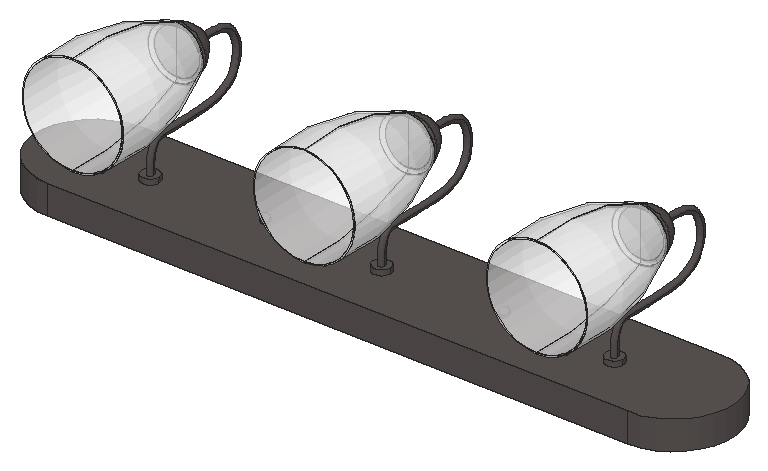
Revit family "P2708-20 3-100W MED BATH BRACKET", category Lighting Fixtures, host Face, Revit 2012
Parameters (values of type "P2708-20 3-100W MED BATH BRACKET")
  Wattage Comment = "100 W"  # constant formula
  URL = "http://www.progresslighting.com/"
  Product Page URL = "http://www.progresslighting.com/products.aspx?product=P2708-20"
  Product Documentation Link = "http://www.progresslighting.com/SpecSheets/P2708.pdf"
  Mounting = "Wall Mount"  # constant formula
  Model = "P2708-20"  # constant formula
  Manufacturer Phone = "864-678-1000"  # constant formula
  Manufacturer Fax = "864-678-1065"  # constant formula
  Manufacturer = "Progress Lighting"  # constant formula
  Lamp = "Three"  # constant formula
  Glass = Ethed Glass Shade
  Description = "Three-light bath"  # constant formula
  Default Elevation = 48"
  Back Plate = Painted Antique Bronze
Reference planes (in)
  plane 1 "Center (Front/Back)": y = 0
  plane 2: z = 0
  plane 3 "Center (Left/Right)": x = 0
  plane 4: x = -12
  plane 5: x = 12
  plane 6: y = 2
  plane 7: y = -1.992
  plane 8: z = 1
Forms (in)
  Extrusion 1, solid, material "Painted Antique Bronze" <- "Back Plate"
    sketch origin (0, 0.53536, 0) x (1, 0, 0) y (0, 1, 0)
      loop
        arc (-9.99269, 1.45863) -> (-11.98868, -0.53737) -> (-9.99269, -2.53337) r 1.996
        line (-9.99269, -2.53337) -> (10.0027, -2.53337)
        arc (10.0027, -2.53337) -> (11.9987, -0.53737) -> (10.0027, 1.45863) r 1.996
        line (10.0027, 1.45863) -> (-9.99269, 1.45863)
    from 0 to 1
  Revolve 2, solid, material "Painted Antique Bronze" <- "Back Plate"
    sketch origin (3.98456, 0.00098, 1.11301) x (1, 0, 0) y (0, 1, 0)
      loop
        arc (-8.10963, -0.13694) -> (-7.95963, 0.01306) -> (-8.10963, 0.16306) r 0.15
        line (-8.10963, 0.16306) -> (-8.10963, -0.13694)
      axis (-8.10963, -0.13694) -> (-8.10963, 0.16306)
    angle from 0 to 360
  Revolve 3, solid, material "Painted Antique Bronze" <- "Back Plate"
    sketch origin (-3.98456, 0.00098, 1.11301) x (-1, 0, 0) y (0, -1, 0)
      loop
        line (-8.10963, 0.13694) -> (-8.10963, -0.16306)
        arc (-8.10963, -0.16306) -> (-7.95963, -0.01306) -> (-8.10963, 0.13694) r 0.15
      axis (-8.10963, -0.16306) -> (-8.10963, 0.13694)
    angle from 0 to 360
Dimensions and locks (in)
  plane 4 to plane 3 "Center (Left/Right)" = 12"  (x2)
  plane 5 to plane 3 "Center (Left/Right)" = 12"
  plane 6 to plane 1 "Center (Front/Back)" = 2"
  locked: plane 8 to plane 2 at 1
  Extrusion 1 sketch curve to plane 4 = 2.00731"
  Extrusion 1 sketch curve to plane 1 "Center (Front/Back)" = 1.99398"
  Extrusion 1 sketch curve to Extrusion 1 sketch curve = 19.99538"  (x2)
  plane 7 to Extrusion 1 sketch curve = 3.98598"
  locked: plane 1 "Center (Front/Back)" to Extrusion 1 at 1.99398
  plane 1 "Center (Front/Back)" to Extrusion 1 = 1.99398"  (x2)
  locked: nested 1 to plane 3 "Center (Left/Right)" at 8  (x3)
  nested 2 to plane 5 = 4"
  locked: nested 1 to plane 4 at 4
  locked: plane 5 to nested 2 at 4
  plane 6 to Extrusion 1 sketch curve = 3.99801"
  plane 1 "Center (Front/Back)" to nested 2 = 0"
  plane 1 "Center (Front/Back)" to nested 1 = 0"
  locked: nested 2 to plane 5 at 4  (x2)
  locked: nested 3 to plane 3 "Center (Left/Right)" at 0.02649  (x2)
  locked: Revolve 2 sketch curve to Revolve 2 sketch curve at 0.3931
  locked: Revolve 2 sketch curve to plane 3 "Center (Left/Right)" at 4.12507
  locked: Revolve 3 sketch curve to Revolve 3 sketch curve at 0.3931
  locked: Revolve 3 sketch curve to plane 1 "Center (Front/Back)" at 0.22115
  nested 2 to plane 1 "Center (Front/Back)" = 0"
  radius of Extrusion 1 sketch curve = 1.996"  (x2)
  radius of Revolve 2 sketch curve = 0.15"
  radius of Revolve 3 sketch curve = 0.15"
  aligned and locked: plane 2 to host face
  aligned and locked: level to host face
  aligned and locked: plane 8 to Extrusion 1
  aligned and locked: Extrusion 1 to host face
  aligned and locked: Revolve 2 sketch curve to Revolve 2 sketch curve
  aligned and locked: Revolve 3 sketch curve to Revolve 3 sketch curve
Nested families (in)
  nested 1: "P2706" at (-8, 0, 1), type "P2706"
  nested 2: "P2706" at (8, 0, 1), type "P2706"
  nested 3: "P2706" at (-0.02649, 0, 1), type "P2706"
Connectors (in)
  electrical at (0.00501, -0.00201, 0)
    settings: on Extrusion 1, index 1, voltage 0 V, apparent load 0 VA, apparent load phase1 0 VA, apparent load phase2 0 VA, apparent load phase3 0 VA, power factor 1, load classification "Other", number of poles 1, system type 31, power factor state 1, is connector primary yes, connector utility no, sub classification motor no, connector description ""
Definition of nested family "P2706"
  Parameters (values of type "P2706")
    Wattage = 9.2903 W
    built-in parameter 1150110 = 1 (stored number, unit not read)
    built-in parameter 1114217 = 1 (stored number, unit not read)
    built-in parameter 1150109 = 1 (stored number, unit not read)
    built-in parameter 1150134 = 3
    built-in parameter 1150113 = 1 (stored number, unit not read)
    built-in parameter 1150105 = 109.82 (stored number, unit not read)
    Lumens = 1380 lm
    built-in parameter 1150115 = 1 (stored number, unit not read)
    Light Source Symbol Size = 3"
    built-in parameter 1150137 = (empty or 0)
    built-in parameter 1150139 = (empty or 0)
    built-in parameter 1150112 = 1 (stored number, unit not read)
    built-in parameter 1150114 = 1 (stored number, unit not read)
    built-in parameter 1150132 = (empty or 0)
    built-in parameter 1150102 = (empty or 0)
    built-in parameter 1150107 = 3200 (stored number, unit not read)
    built-in parameter 1150138 = (empty or 0)
    built-in parameter 1150106 = 1.0982 (stored number, unit not read)
    Glass = Ethed Glass Shade
    built-in parameter 1150104 = 13.8 (stored number, unit not read)
    Dimming Lamp Color Temperature Shift = (empty or 0)
    Default Elevation = 48"
    Color Filter = 16777215
    built-in parameter 1114218 = 1 (stored number, unit not read)
    Back Plate = none
    built-in parameter 1150133 = 10 (stored number, unit not read)
  Reference planes (in)
    plane 1 "Center (Front/Back)": y = 0
    plane 2: z = -1.32579
    plane 3 "Center (Left/Right)": x = 0
    plane 4: z = -1.16191
    plane 5: y = 3.76589
    plane 6: y = -3.40892
    plane 7: z = 1.83809
    plane 8: y = 1.12807
    plane 9: y = 2.16225
    plane 10: z = 3.42421
    plane 11: y = 1.12806
  Forms (in)
    Extrusion 1, solid
      sketch origin (0, 0, 0) x (1, 0, 0) y (0, 1, 0)
        loop
          line (-48, 48) -> (-48, -48) -> (48, -48) -> (48, 48) -> (-48, 48)
      from -1.32579 to -12
    Extrusion 2, solid, material <- "Back Plate"
      sketch origin (0, -0.07723, 0) x (1, 0, 0) y (0, 1, 0)
        loop
          circle (0, 0) r 0.3
      from 0 to 0.16387
    Sweep 3, solid, material <- "Back Plate"
      path origin (0, -0.14985, 0) x (0, 1, 0) y (0, 0, 1)
        loop
          spline (0.07723, 0.16387) -> (0.12227, 0.8063) -> (0.42203, 1.18236) -> (0.93815, 1.20243) -> (1.57964, 1.20057) -> (2.26292, 1.20445) -> (2.90209, 1.27415) -> (3.40998, 1.5116) -> (3.72177, 1.93858) -> (3.79317, 2.49977) -> (3.57517, 3.05499) -> (3.01801, 3.36087) -> (2.2598, 3.42421)
      profile origin (0, 2.75223, 1.27415) x (0, -0.228186, 0.973617) y (1, 0, 0)
        loop
          circle (0, 0.00052) r 0.10287
    Revolve 4, solid, material "Ethed Glass Shade" <- "Glass"
      sketch origin (0, 0.27754, -1.32579) x (0, 1, 0) y (0, 0, 1)
        loop
          arc (-3.68646, 2.99276) -> (-1.41456, 3.07105) -> (0.74175, 3.79073) r 7.92917
          arc (0.74175, 3.79073) -> (0.82115, 3.86355) -> (0.85053, 3.96719) r 0.19752
          line (0.85053, 3.96719) -> (0.85053, 4.75) -> (0.80053, 4.75) -> (0.80053, 3.96826)
          arc (0.80053, 3.96826) -> (0.77833, 3.88993) -> (0.71832, 3.83491) r 0.14926
          arc (0.71832, 3.83491) -> (-1.42667, 3.11967) -> (-3.68646, 3.04306) r 7.87917
          line (-3.68646, 3.04306) -> (-3.68646, 2.99276)
        axis (0.85053, 4.75) -> (-3.68646, 4.75)
      angle from 0 to 360
    Revolve 5, solid, material <- "Back Plate"
      sketch origin (0, 0.26165, 0) x (0, 1, 0) y (0, 0, 1)
        loop
          line (1.9006, 3.42421) -> (0.86641, 3.42421) -> (0.86641, 2.59003) -> (0.97372, 2.571)
          arc (0.97372, 2.571) -> (1.47824, 2.84497) -> (1.86429, 3.2699) r 1.71757
          arc (1.86429, 3.2699) -> (1.89041, 3.28636) -> (1.9006, 3.3155) r 0.04679
          line (1.9006, 3.3155) -> (1.9006, 3.42421)
        axis (1.9006, 3.42421) -> (0.86641, 3.42421)
      angle from 0 to 360
  Lines and regions (in)
    model lines
      curve 1: line (0, 2.16225, 3.42463) -> (0, 2.16225, 3.3155)
      curve 2: arc (0, 2.16225, 3.3155) -> (0, 2.15206, 3.28636) -> (0, 2.12594, 3.2699) r 0.04679
      curve 3: arc (0, 2.12594, 3.2699) -> (0, 1.72041, 2.8299) -> (0, 1.18854, 2.55573) r 1.71757
      curve 4: arc (0, 2.0956, 3.3155) -> (0, 1.69212, 2.87122) -> (0, 1.15749, 2.59854) r 1.66757
      curve 5: line (0, 2.0956, 3.3155) -> (0, 2.0956, 3.42463)
      curve 6: line (0, 2.0956, 3.42463) -> (0, 2.16225, 3.42463)
  Dimensions and locks (in)
    plane 4 to plane 2 = 0.16387"
    locked: plane 4 to plane 7 at 3
    plane 5 to plane 1 "Center (Front/Back)" = 3.76589"
    locked: Extrusion 1 to plane 4 at 0.16387
    plane 6 to curve 5 = 5.50451"
    radius of Extrusion 2 sketch curve = 0.3"
    aligned and locked: plane 2 to Extrusion 1
    aligned and locked: Extrusion 2 to level
    aligned and locked: plane 3 "Center (Left/Right)" to imposter light
    aligned and locked: plane 8 to Revolve 4 sketch curve
    aligned and locked: plane 10 to Sweep 3
    aligned and locked: Revolve 5 sketch curve to curve 3
    aligned and locked: Revolve 5 sketch curve to curve 2
    aligned and locked: Revolve 5 sketch curve to curve 1
    aligned and locked: plane 10 to Revolve 5 sketch curve
    aligned and locked: plane 11 to Revolve 5 sketch curve
    aligned and locked: Revolve 5 sketch curve to Revolve 5 sketch curve
    aligned and locked: plane 10 to Sweep 3 sketch curve
    aligned and locked: plane 6 to Revolve 4 sketch curve
    aligned and locked: imposter light to plane 10
